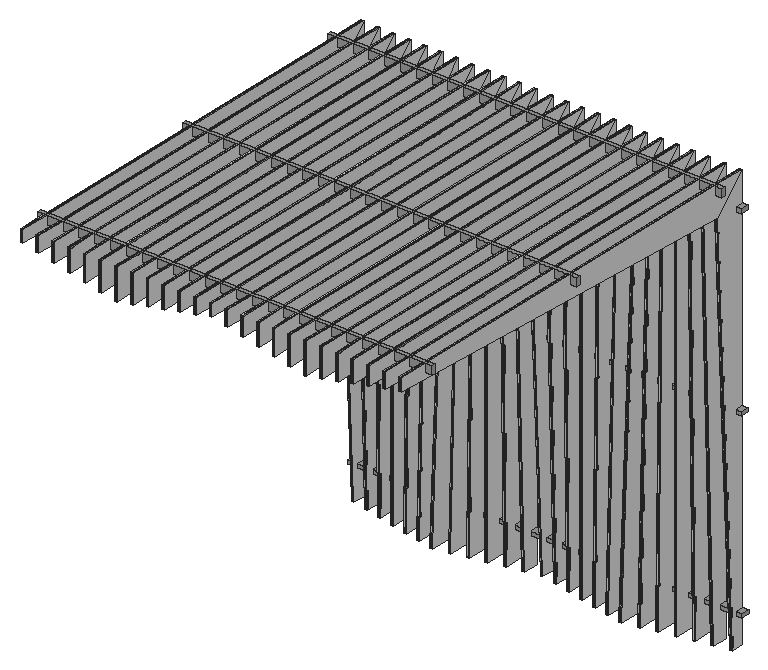
Revit family "SUR-BLD-003_BLADE SURFACES 003_RFA", category Modelos genéricos, Revit 2022 (continued)
Forms (in)
  Extrusion 121, solid, not visible
    sketch origin (20, -13, 54) x (0, 1, 0) y (0, 0, 1)
      loop
        line (-95, 46.79987) -> (9.07661, 50.07661) -> (13, 54) -> (5.495, 54) -> (5.495, 51.94) -> (4.505, 51.94) -> (4.505, 54) -> (-40.505, 54) -> (-40.505, 51.94) -> (-41.495, 51.94) -> (-41.495, 54) -> (-86.505, 54) -> (-86.505, 51.94) -> (-87.495, 51.94) -> (-87.495, 54) -> (-95, 54) -> (-95, 46.79987)
    from -0.11811 to 0
  Extrusion 122, solid, not visible
    sketch origin (20.59055, -13, 54) x (0, 1, 0) y (0, 0, 1)
      loop
        line (-95, 46.79987) -> (9.07661, 50.07661) -> (13, 54) -> (5.495, 54) -> (5.495, 51.94) -> (4.505, 51.94) -> (4.505, 54) -> (-40.505, 54) -> (-40.505, 51.94) -> (-41.495, 51.94) -> (-41.495, 54) -> (-86.505, 54) -> (-86.505, 51.94) -> (-87.495, 51.94) -> (-87.495, 54) -> (-95, 54) -> (-95, 46.79987)
    from -0.11811 to 0
  Extrusion 123, solid, not visible
    sketch origin (20.47244, -13, 54) x (0, 1, 0) y (0, 0, 1)
      loop
        line (-95, 46.79987) -> (9.07661, 50.07661) -> (13, 54) -> (5.495, 54) -> (5.495, 51.94) -> (4.505, 51.94) -> (4.505, 54) -> (-40.505, 54) -> (-40.505, 51.94) -> (-41.495, 51.94) -> (-41.495, 54) -> (-86.505, 54) -> (-86.505, 51.94) -> (-87.495, 51.94) -> (-87.495, 54) -> (-95, 54) -> (-95, 46.79987)
    from -0.47244 to 0
  Extrusion 124, solid, not visible
    sketch origin (24, 0, 54) x (0, 1, 0) y (0, 0, 1)
      loop
        line (-8, -54) -> (0, -54) -> (0, -46.495) -> (-2.06, -46.495) -> (-2.06, -45.505) -> (0, -45.505) -> (0, -0.495) -> (-2.06, -0.495) -> (-2.06, 0.495) -> (0, 0.495) -> (0, 45.505) -> (-2.06, 45.505) -> (-2.06, 46.495) -> (0, 46.495) -> (0, 54) -> (-3.14563, 50.85437) -> (-8, -54)
    from -0.11811 to 0
  Extrusion 125, solid, not visible
    sketch origin (24.47244, 0, 54) x (0, 1, 0) y (0, 0, 1)
      loop
        line (-8, -54) -> (0, -54) -> (0, -46.495) -> (-2.06, -46.495) -> (-2.06, -45.505) -> (0, -45.505) -> (0, -0.495) -> (-2.06, -0.495) -> (-2.06, 0.495) -> (0, 0.495) -> (0, 45.505) -> (-2.06, 45.505) -> (-2.06, 46.495) -> (0, 46.495) -> (0, 54) -> (-3.14563, 50.85437) -> (-8, -54)
    from -0.47244 to 0
  Extrusion 126, solid, not visible
    sketch origin (24.59055, 0, 54) x (0, 1, 0) y (0, 0, 1)
      loop
        line (-8, -54) -> (0, -54) -> (0, -46.495) -> (-2.06, -46.495) -> (-2.06, -45.505) -> (0, -45.505) -> (0, -0.495) -> (-2.06, -0.495) -> (-2.06, 0.495) -> (0, 0.495) -> (0, 45.505) -> (-2.06, 45.505) -> (-2.06, 46.495) -> (0, 46.495) -> (0, 54) -> (-3.14563, 50.85437) -> (-8, -54)
    from -0.11811 to 0
  Extrusion 127, solid, not visible
    sketch origin (24, -13, 54) x (0, 1, 0) y (0, 0, 1)
      loop
        line (-95, 46) -> (9.85437, 50.85437) -> (13, 54) -> (5.495, 54) -> (5.495, 51.94) -> (4.505, 51.94) -> (4.505, 54) -> (-40.505, 54) -> (-40.505, 51.94) -> (-41.495, 51.94) -> (-41.495, 54) -> (-86.505, 54) -> (-86.505, 51.94) -> (-87.495, 51.94) -> (-87.495, 54) -> (-95, 54) -> (-95, 46)
    from -0.11811 to 0
  Extrusion 128, solid, not visible
    sketch origin (24.59055, -13, 54) x (0, 1, 0) y (0, 0, 1)
      loop
        line (-95, 46) -> (9.85437, 50.85437) -> (13, 54) -> (5.495, 54) -> (5.495, 51.94) -> (4.505, 51.94) -> (4.505, 54) -> (-40.505, 54) -> (-40.505, 51.94) -> (-41.495, 51.94) -> (-41.495, 54) -> (-86.505, 54) -> (-86.505, 51.94) -> (-87.495, 51.94) -> (-87.495, 54) -> (-95, 54) -> (-95, 46)
    from -0.11811 to 0
  Extrusion 129, solid, not visible
    sketch origin (24.47244, -13, 54) x (0, 1, 0) y (0, 0, 1)
      loop
        line (-95, 46) -> (9.85437, 50.85437) -> (13, 54) -> (5.495, 54) -> (5.495, 51.94) -> (4.505, 51.94) -> (4.505, 54) -> (-40.505, 54) -> (-40.505, 51.94) -> (-41.495, 51.94) -> (-41.495, 54) -> (-86.505, 54) -> (-86.505, 51.94) -> (-87.495, 51.94) -> (-87.495, 54) -> (-95, 54) -> (-95, 46)
    from -0.47244 to 0
  Extrusion 130, solid
    sketch origin (28, 0, 54) x (0, 1, 0) y (0, 0, 1)
      loop
        line (-7.20013, -54) -> (0, -54) -> (0, -46.495) -> (-2.06, -46.495) -> (-2.06, -45.505) -> (0, -45.505) -> (0, -0.495) -> (-2.06, -0.495) -> (-2.06, 0.495) -> (0, 0.495) -> (0, 45.505) -> (-2.06, 45.505) -> (-2.06, 46.495) -> (0, 46.495) -> (0, 54) -> (-3.92339, 50.07661) -> (-7.20013, -54)
    from -0.11811 to 0
  Extrusion 131, solid
    sketch origin (28.47244, 0, 54) x (0, 1, 0) y (0, 0, 1)
      loop
        line (-7.20013, -54) -> (0, -54) -> (0, -46.495) -> (-2.06, -46.495) -> (-2.06, -45.505) -> (0, -45.505) -> (0, -0.495) -> (-2.06, -0.495) -> (-2.06, 0.495) -> (0, 0.495) -> (0, 45.505) -> (-2.06, 45.505) -> (-2.06, 46.495) -> (0, 46.495) -> (0, 54) -> (-3.92339, 50.07661) -> (-7.20013, -54)
    from -0.47244 to 0
  Extrusion 132, solid
    sketch origin (28.59055, 0, 54) x (0, 1, 0) y (0, 0, 1)
      loop
        line (-7.20013, -54) -> (0, -54) -> (0, -46.495) -> (-2.06, -46.495) -> (-2.06, -45.505) -> (0, -45.505) -> (0, -0.495) -> (-2.06, -0.495) -> (-2.06, 0.495) -> (0, 0.495) -> (0, 45.505) -> (-2.06, 45.505) -> (-2.06, 46.495) -> (0, 46.495) -> (0, 54) -> (-3.92339, 50.07661) -> (-7.20013, -54)
    from -0.11811 to 0
  Extrusion 133, solid
    sketch origin (28, -13, 54) x (0, 1, 0) y (0, 0, 1)
      loop
        line (-95, 46.79987) -> (9.07661, 50.07661) -> (13, 54) -> (5.495, 54) -> (5.495, 51.94) -> (4.505, 51.94) -> (4.505, 54) -> (-40.505, 54) -> (-40.505, 51.94) -> (-41.495, 51.94) -> (-41.495, 54) -> (-86.505, 54) -> (-86.505, 51.94) -> (-87.495, 51.94) -> (-87.495, 54) -> (-95, 54) -> (-95, 46.79987)
    from -0.11811 to 0
  Extrusion 134, solid
    sketch origin (28.59055, -13, 54) x (0, 1, 0) y (0, 0, 1)
      loop
        line (-95, 46.79987) -> (9.07661, 50.07661) -> (13, 54) -> (5.495, 54) -> (5.495, 51.94) -> (4.505, 51.94) -> (4.505, 54) -> (-40.505, 54) -> (-40.505, 51.94) -> (-41.495, 51.94) -> (-41.495, 54) -> (-86.505, 54) -> (-86.505, 51.94) -> (-87.495, 51.94) -> (-87.495, 54) -> (-95, 54) -> (-95, 46.79987)
    from -0.11811 to 0
  Extrusion 135, solid
    sketch origin (28.47244, -13, 54) x (0, 1, 0) y (0, 0, 1)
      loop
        line (-95, 46.79987) -> (9.07661, 50.07661) -> (13, 54) -> (5.495, 54) -> (5.495, 51.94) -> (4.505, 51.94) -> (4.505, 54) -> (-40.505, 54) -> (-40.505, 51.94) -> (-41.495, 51.94) -> (-41.495, 54) -> (-86.505, 54) -> (-86.505, 51.94) -> (-87.495, 51.94) -> (-87.495, 54) -> (-95, 54) -> (-95, 46.79987)
    from -0.47244 to 0
  Extrusion 136, solid
    sketch origin (32, 0, 54) x (0, 1, 0) y (0, 0, 1)
      loop
        line (-6.35007, -54) -> (0, -54) -> (0, -46.495) -> (-2.06, -46.495) -> (-2.06, -45.505) -> (0, -45.505) -> (0, -0.495) -> (-2.06, -0.495) -> (-2.06, 0.495) -> (0, 0.495) -> (0, 45.505) -> (-2.06, 45.505) -> (-2.06, 46.495) -> (0, 46.495) -> (0, 54) -> (-4.7243, 49.2757) -> (-6.35007, -54)
    from -0.11811 to 0
  Extrusion 137, solid
    sketch origin (32.47244, 0, 54) x (0, 1, 0) y (0, 0, 1)
      loop
        line (-6.35007, -54) -> (0, -54) -> (0, -46.495) -> (-2.06, -46.495) -> (-2.06, -45.505) -> (0, -45.505) -> (0, -0.495) -> (-2.06, -0.495) -> (-2.06, 0.495) -> (0, 0.495) -> (0, 45.505) -> (-2.06, 45.505) -> (-2.06, 46.495) -> (0, 46.495) -> (0, 54) -> (-4.7243, 49.2757) -> (-6.35007, -54)
    from -0.47244 to 0
  Extrusion 138, solid
    sketch origin (32.59055, 0, 54) x (0, 1, 0) y (0, 0, 1)
      loop
        line (-6.35007, -54) -> (0, -54) -> (0, -46.495) -> (-2.06, -46.495) -> (-2.06, -45.505) -> (0, -45.505) -> (0, -0.495) -> (-2.06, -0.495) -> (-2.06, 0.495) -> (0, 0.495) -> (0, 45.505) -> (-2.06, 45.505) -> (-2.06, 46.495) -> (0, 46.495) -> (0, 54) -> (-4.7243, 49.2757) -> (-6.35007, -54)
    from -0.11811 to 0
  Extrusion 139, solid
    sketch origin (32, -13, 54) x (0, 1, 0) y (0, 0, 1)
      loop
        line (-95, 47.64993) -> (8.2757, 49.2757) -> (13, 54) -> (5.495, 54) -> (5.495, 51.94) -> (4.505, 51.94) -> (4.505, 54) -> (-40.505, 54) -> (-40.505, 51.94) -> (-41.495, 51.94) -> (-41.495, 54) -> (-86.505, 54) -> (-86.505, 51.94) -> (-87.495, 51.94) -> (-87.495, 54) -> (-95, 54) -> (-95, 47.64993)
    from -0.11811 to 0
  Extrusion 140, solid
    sketch origin (32.59055, -13, 54) x (0, 1, 0) y (0, 0, 1)
      loop
        line (-95, 47.64993) -> (8.2757, 49.2757) -> (13, 54) -> (5.495, 54) -> (5.495, 51.94) -> (4.505, 51.94) -> (4.505, 54) -> (-40.505, 54) -> (-40.505, 51.94) -> (-41.495, 51.94) -> (-41.495, 54) -> (-86.505, 54) -> (-86.505, 51.94) -> (-87.495, 51.94) -> (-87.495, 54) -> (-95, 54) -> (-95, 47.64993)
    from -0.11811 to 0
  Extrusion 141, solid
    sketch origin (32.47244, -13, 54) x (0, 1, 0) y (0, 0, 1)
      loop
        line (-95, 47.64993) -> (8.2757, 49.2757) -> (13, 54) -> (5.495, 54) -> (5.495, 51.94) -> (4.505, 51.94) -> (4.505, 54) -> (-40.505, 54) -> (-40.505, 51.94) -> (-41.495, 51.94) -> (-41.495, 54) -> (-86.505, 54) -> (-86.505, 51.94) -> (-87.495, 51.94) -> (-87.495, 54) -> (-95, 54) -> (-95, 47.64993)
    from -0.47244 to 0
  Extrusion 142, solid
    sketch origin (36, 0, 54) x (0, 1, 0) y (0, 0, 1)
      loop
        line (-5.5, -54) -> (0, -54) -> (0, -46.495) -> (-2.06, -46.495) -> (-2.06, -45.505) -> (0, -45.505) -> (0, -0.495) -> (-2.06, -0.495) -> (-2.06, 0.495) -> (0, 0.495) -> (0, 45.505) -> (-2.06, 45.505) -> (-2.06, 46.495) -> (0, 46.495) -> (0, 54) -> (-5.5, 48.5) -> (-5.5, -54)
    from -0.11811 to 0
  Extrusion 143, solid
    sketch origin (36.47244, 0, 54) x (0, 1, 0) y (0, 0, 1)
      loop
        line (-5.5, -54) -> (0, -54) -> (0, -46.495) -> (-2.06, -46.495) -> (-2.06, -45.505) -> (0, -45.505) -> (0, -0.495) -> (-2.06, -0.495) -> (-2.06, 0.495) -> (0, 0.495) -> (0, 45.505) -> (-2.06, 45.505) -> (-2.06, 46.495) -> (0, 46.495) -> (0, 54) -> (-5.5, 48.5) -> (-5.5, -54)
    from -0.47244 to 0
  Extrusion 144, solid
    sketch origin (36.59055, 0, 54) x (0, 1, 0) y (0, 0, 1)
      loop
        line (-5.5, -54) -> (0, -54) -> (0, -46.495) -> (-2.06, -46.495) -> (-2.06, -45.505) -> (0, -45.505) -> (0, -0.495) -> (-2.06, -0.495) -> (-2.06, 0.495) -> (0, 0.495) -> (0, 45.505) -> (-2.06, 45.505) -> (-2.06, 46.495) -> (0, 46.495) -> (0, 54) -> (-5.5, 48.5) -> (-5.5, -54)
    from -0.11811 to 0
  Extrusion 145, solid
    sketch origin (36, -13, 54) x (0, 1, 0) y (0, 0, 1)
      loop
        line (-95, 48.5) -> (7.5, 48.5) -> (13, 54) -> (5.495, 54) -> (5.495, 51.94) -> (4.505, 51.94) -> (4.505, 54) -> (-40.505, 54) -> (-40.505, 51.94) -> (-41.495, 51.94) -> (-41.495, 54) -> (-86.505, 54) -> (-86.505, 51.94) -> (-87.495, 51.94) -> (-87.495, 54) -> (-95, 54) -> (-95, 48.5)
    from -0.11811 to 0
  Extrusion 146, solid
    sketch origin (36.59055, -13, 54) x (0, 1, 0) y (0, 0, 1)
      loop
        line (-95, 48.5) -> (7.5, 48.5) -> (13, 54) -> (5.495, 54) -> (5.495, 51.94) -> (4.505, 51.94) -> (4.505, 54) -> (-40.505, 54) -> (-40.505, 51.94) -> (-41.495, 51.94) -> (-41.495, 54) -> (-86.505, 54) -> (-86.505, 51.94) -> (-87.495, 51.94) -> (-87.495, 54) -> (-95, 54) -> (-95, 48.5)
    from -0.11811 to 0
  Extrusion 147, solid
    sketch origin (36.47244, -13, 54) x (0, 1, 0) y (0, 0, 1)
      loop
        line (-95, 48.5) -> (7.5, 48.5) -> (13, 54) -> (5.495, 54) -> (5.495, 51.94) -> (4.505, 51.94) -> (4.505, 54) -> (-40.505, 54) -> (-40.505, 51.94) -> (-41.495, 51.94) -> (-41.495, 54) -> (-86.505, 54) -> (-86.505, 51.94) -> (-87.495, 51.94) -> (-87.495, 54) -> (-95, 54) -> (-95, 48.5)
    from -0.47244 to 0
  Extrusion 148, solid
    sketch origin (40, 0, 54) x (0, 1, 0) y (0, 0, 1)
      loop
        line (-4.64993, -54) -> (0, -54) -> (0, -46.495) -> (-2.06, -46.495) -> (-2.06, -45.505) -> (0, -45.505) -> (0, -0.495) -> (-2.06, -0.495) -> (-2.06, 0.495) -> (0, 0.495) -> (0, 45.505) -> (-2.06, 45.505) -> (-2.06, 46.495) -> (0, 46.495) -> (0, 54) -> (-6.25165, 47.74835) -> (-4.64993, -54)
    from -0.11811 to 0
  Extrusion 149, solid
    sketch origin (40.47244, 0, 54) x (0, 1, 0) y (0, 0, 1)
      loop
        line (-4.64993, -54) -> (0, -54) -> (0, -46.495) -> (-2.06, -46.495) -> (-2.06, -45.505) -> (0, -45.505) -> (0, -0.495) -> (-2.06, -0.495) -> (-2.06, 0.495) -> (0, 0.495) -> (0, 45.505) -> (-2.06, 45.505) -> (-2.06, 46.495) -> (0, 46.495) -> (0, 54) -> (-6.25165, 47.74835) -> (-4.64993, -54)
    from -0.47244 to 0
  Extrusion 150, solid
    sketch origin (40.59055, 0, 54) x (0, 1, 0) y (0, 0, 1)
      loop
        line (-4.64993, -54) -> (0, -54) -> (0, -46.495) -> (-2.06, -46.495) -> (-2.06, -45.505) -> (0, -45.505) -> (0, -0.495) -> (-2.06, -0.495) -> (-2.06, 0.495) -> (0, 0.495) -> (0, 45.505) -> (-2.06, 45.505) -> (-2.06, 46.495) -> (0, 46.495) -> (0, 54) -> (-6.25165, 47.74835) -> (-4.64993, -54)
    from -0.11811 to 0
  Extrusion 151, solid
    sketch origin (40, -13, 54) x (0, 1, 0) y (0, 0, 1)
      loop
        line (-95, 49.35007) -> (6.74835, 47.74835) -> (13, 54) -> (5.495, 54) -> (5.495, 51.94) -> (4.505, 51.94) -> (4.505, 54) -> (-40.505, 54) -> (-40.505, 51.94) -> (-41.495, 51.94) -> (-41.495, 54) -> (-86.505, 54) -> (-86.505, 51.94) -> (-87.495, 51.94) -> (-87.495, 54) -> (-95, 54) -> (-95, 49.35007)
    from -0.11811 to 0
  Extrusion 152, solid
    sketch origin (40.59055, -13, 54) x (0, 1, 0) y (0, 0, 1)
      loop
        line (-95, 49.35007) -> (6.74835, 47.74835) -> (13, 54) -> (5.495, 54) -> (5.495, 51.94) -> (4.505, 51.94) -> (4.505, 54) -> (-40.505, 54) -> (-40.505, 51.94) -> (-41.495, 51.94) -> (-41.495, 54) -> (-86.505, 54) -> (-86.505, 51.94) -> (-87.495, 51.94) -> (-87.495, 54) -> (-95, 54) -> (-95, 49.35007)
    from -0.11811 to 0
  Extrusion 153, solid
    sketch origin (40.47244, -13, 54) x (0, 1, 0) y (0, 0, 1)
      loop
        line (-95, 49.35007) -> (6.74835, 47.74835) -> (13, 54) -> (5.495, 54) -> (5.495, 51.94) -> (4.505, 51.94) -> (4.505, 54) -> (-40.505, 54) -> (-40.505, 51.94) -> (-41.495, 51.94) -> (-41.495, 54) -> (-86.505, 54) -> (-86.505, 51.94) -> (-87.495, 51.94) -> (-87.495, 54) -> (-95, 54) -> (-95, 49.35007)
    from -0.47244 to 0
  Extrusion 154, solid
    sketch origin (44, 0, 54) x (0, 1, 0) y (0, 0, 1)
      loop
        line (-3.79987, -54) -> (0, -54) -> (0, -46.495) -> (-2.06, -46.495) -> (-2.06, -45.505) -> (0, -45.505) -> (0, -0.495) -> (-2.06, -0.495) -> (-2.06, 0.495) -> (0, 0.495) -> (0, 45.505) -> (-2.06, 45.505) -> (-2.06, 46.495) -> (0, 46.495) -> (0, 54) -> (-6.98036, 47.01964) -> (-3.79987, -54)
    from -0.11811 to 0
  Extrusion 155, solid
    sketch origin (44.47244, 0, 54) x (0, 1, 0) y (0, 0, 1)
      loop
        line (-3.79987, -54) -> (0, -54) -> (0, -46.495) -> (-2.06, -46.495) -> (-2.06, -45.505) -> (0, -45.505) -> (0, -0.495) -> (-2.06, -0.495) -> (-2.06, 0.495) -> (0, 0.495) -> (0, 45.505) -> (-2.06, 45.505) -> (-2.06, 46.495) -> (0, 46.495) -> (0, 54) -> (-6.98036, 47.01964) -> (-3.79987, -54)
    from -0.47244 to 0
  Extrusion 156, solid
    sketch origin (44.59055, 0, 54) x (0, 1, 0) y (0, 0, 1)
      loop
        line (-3.79987, -54) -> (0, -54) -> (0, -46.495) -> (-2.06, -46.495) -> (-2.06, -45.505) -> (0, -45.505) -> (0, -0.495) -> (-2.06, -0.495) -> (-2.06, 0.495) -> (0, 0.495) -> (0, 45.505) -> (-2.06, 45.505) -> (-2.06, 46.495) -> (0, 46.495) -> (0, 54) -> (-6.98036, 47.01964) -> (-3.79987, -54)
    from -0.11811 to 0
  Extrusion 157, solid
    sketch origin (44, -13, 54) x (0, 1, 0) y (0, 0, 1)
      loop
        line (-95, 50.20013) -> (6.01964, 47.01964) -> (13, 54) -> (5.495, 54) -> (5.495, 51.94) -> (4.505, 51.94) -> (4.505, 54) -> (-40.505, 54) -> (-40.505, 51.94) -> (-41.495, 51.94) -> (-41.495, 54) -> (-86.505, 54) -> (-86.505, 51.94) -> (-87.495, 51.94) -> (-87.495, 54) -> (-95, 54) -> (-95, 50.20013)
    from -0.11811 to 0
  Extrusion 158, solid
    sketch origin (44.59055, -13, 54) x (0, 1, 0) y (0, 0, 1)
      loop
        line (-95, 50.20013) -> (6.01964, 47.01964) -> (13, 54) -> (5.495, 54) -> (5.495, 51.94) -> (4.505, 51.94) -> (4.505, 54) -> (-40.505, 54) -> (-40.505, 51.94) -> (-41.495, 51.94) -> (-41.495, 54) -> (-86.505, 54) -> (-86.505, 51.94) -> (-87.495, 51.94) -> (-87.495, 54) -> (-95, 54) -> (-95, 50.20013)
    from -0.11811 to 0
  Extrusion 159, solid
    sketch origin (44.47244, -13, 54) x (0, 1, 0) y (0, 0, 1)
      loop
        line (-95, 50.20013) -> (6.01964, 47.01964) -> (13, 54) -> (5.495, 54) -> (5.495, 51.94) -> (4.505, 51.94) -> (4.505, 54) -> (-40.505, 54) -> (-40.505, 51.94) -> (-41.495, 51.94) -> (-41.495, 54) -> (-86.505, 54) -> (-86.505, 51.94) -> (-87.495, 51.94) -> (-87.495, 54) -> (-95, 54) -> (-95, 50.20013)
    from -0.47244 to 0
  Extrusion 160, solid
    sketch origin (48, 0, 54) x (0, 1, 0) y (0, 0, 1)
      loop
        line (-2.98633, -54) -> (0, -54) -> (0, -46.495) -> (-2.06, -46.495) -> (-2.06, -45.505) -> (0, -45.505) -> (0, -0.495) -> (-2.06, -0.495) -> (-2.06, 0.495) -> (0, 0.495) -> (0, 45.505) -> (-2.06, 45.505) -> (-2.06, 46.495) -> (0, 46.495) -> (0, 54) -> (-7.63295, 46.36705) -> (-2.98633, -54)
    from -0.11811 to 0
  Extrusion 161, solid
    sketch origin (48.59055, 0, 54) x (0, 1, 0) y (0, 0, 1)
      loop
        line (-2.98633, -54) -> (0, -54) -> (0, 54) -> (-7.63295, 46.36705) -> (-2.98633, -54)
    from -0.11811 to 0
  Extrusion 162, solid
    sketch origin (48, -13, 54) x (0, 1, 0) y (0, 0, 1)
      loop
        line (-95, 51) -> (5.35398, 46.35398) -> (13, 54) -> (5.495, 54) -> (5.495, 51.94) -> (4.505, 51.94) -> (4.505, 54) -> (-40.505, 54) -> (-40.505, 51.94) -> (-41.495, 51.94) -> (-41.495, 54) -> (-86.505, 54) -> (-86.505, 51.94) -> (-87.495, 51.94) -> (-87.495, 54) -> (-95, 54) -> (-95, 51)
    from -0.11811 to 0
  Extrusion 163, solid
    sketch origin (48.59055, -13, 54) x (0, 1, 0) y (0, 0, 1)
      loop
        line (-95, 51) -> (5.35398, 46.35398) -> (13, 54) -> (5.495, 54) -> (5.495, 51.94) -> (4.505, 51.94) -> (4.505, 54) -> (-40.505, 54) -> (-40.505, 51.94) -> (-41.495, 51.94) -> (-41.495, 54) -> (-86.505, 54) -> (-86.505, 51.94) -> (-87.495, 51.94) -> (-87.495, 54) -> (-95, 54) -> (-95, 51)
    from -0.11811 to 0
  Extrusion 164, solid
    sketch origin (48.47244, -13, 54) x (0, 1, 0) y (0, 0, 1)
      loop
        line (-95, 51) -> (5.35398, 46.35398) -> (13, 54) -> (5.495, 54) -> (5.495, 51.94) -> (4.505, 51.94) -> (4.505, 54) -> (-40.505, 54) -> (-40.505, 51.94) -> (-41.495, 51.94) -> (-41.495, 54) -> (-86.505, 54) -> (-86.505, 51.94) -> (-87.495, 51.94) -> (-87.495, 54) -> (-95, 54) -> (-95, 51)
    from -0.47244 to 0
  Extrusion 165, solid
    sketch origin (48.47244, 0, 54) x (0, 1, 0) y (0, 0, 1)
      loop
        line (-2.98633, -54) -> (0, -54) -> (0, -46.495) -> (-2.06, -46.495) -> (-2.06, -45.505) -> (0, -45.505) -> (0, -0.495) -> (-2.06, -0.495) -> (-2.06, 0.495) -> (0, 0.495) -> (0, 45.505) -> (-2.06, 45.505) -> (-2.06, 46.495) -> (0, 46.495) -> (0, 54) -> (-7.63295, 46.36705) -> (-2.98633, -54)
    from -0.47244 to 0
  Extrusion 166, solid
    sketch origin (52, 0, 54) x (0, 1, 0) y (0, 0, 1)
      loop
        line (-3.79987, -54) -> (0, -54) -> (0, -46.495) -> (-2.06, -46.495) -> (-2.06, -45.505) -> (0, -45.505) -> (0, -0.495) -> (-2.06, -0.495) -> (-2.06, 0.495) -> (0, 0.495) -> (0, 45.505) -> (-2.06, 45.505) -> (-2.06, 46.495) -> (0, 46.495) -> (0, 54) -> (-6.98036, 47.01964) -> (-3.79987, -54)
    from -0.11811 to 0
  Extrusion 167, solid
    sketch origin (52.47244, 0, 54) x (0, 1, 0) y (0, 0, 1)
      loop
        line (-3.79987, -54) -> (0, -54) -> (0, -46.495) -> (-2.06, -46.495) -> (-2.06, -45.505) -> (0, -45.505) -> (0, -0.495) -> (-2.06, -0.495) -> (-2.06, 0.495) -> (0, 0.495) -> (0, 45.505) -> (-2.06, 45.505) -> (-2.06, 46.495) -> (0, 46.495) -> (0, 54) -> (-6.98036, 47.01964) -> (-3.79987, -54)
    from -0.47244 to 0
  Extrusion 168, solid
    sketch origin (52.59055, 0, 54) x (0, 1, 0) y (0, 0, 1)
      loop
        line (-3.79987, -54) -> (0, -54) -> (0, -46.495) -> (-2.06, -46.495) -> (-2.06, -45.505) -> (0, -45.505) -> (0, -0.495) -> (-2.06, -0.495) -> (-2.06, 0.495) -> (0, 0.495) -> (0, 45.505) -> (-2.06, 45.505) -> (-2.06, 46.495) -> (0, 46.495) -> (0, 54) -> (-6.98036, 47.01964) -> (-3.79987, -54)
    from -0.11811 to 0
  Extrusion 169, solid
    sketch origin (52, -13, 54) x (0, 1, 0) y (0, 0, 1)
      loop
        line (-95, 50.20013) -> (6.01964, 47.01964) -> (13, 54) -> (5.495, 54) -> (5.495, 51.94) -> (4.505, 51.94) -> (4.505, 54) -> (-40.505, 54) -> (-40.505, 51.94) -> (-41.495, 51.94) -> (-41.495, 54) -> (-86.505, 54) -> (-86.505, 51.94) -> (-87.495, 51.94) -> (-87.495, 54) -> (-95, 54) -> (-95, 50.20013)
    from -0.11811 to 0
  Extrusion 170, solid
    sketch origin (52.59055, -13, 54) x (0, 1, 0) y (0, 0, 1)
      loop
        line (-95, 50.20013) -> (6.01964, 47.01964) -> (13, 54) -> (5.495, 54) -> (5.495, 51.94) -> (4.505, 51.94) -> (4.505, 54) -> (-40.505, 54) -> (-40.505, 51.94) -> (-41.495, 51.94) -> (-41.495, 54) -> (-86.505, 54) -> (-86.505, 51.94) -> (-87.495, 51.94) -> (-87.495, 54) -> (-95, 54) -> (-95, 50.20013)
    from -0.11811 to 0
  Extrusion 171, solid
    sketch origin (52.47244, -13, 54) x (0, 1, 0) y (0, 0, 1)
      loop
        line (-95, 50.20013) -> (6.01964, 47.01964) -> (13, 54) -> (5.495, 54) -> (5.495, 51.94) -> (4.505, 51.94) -> (4.505, 54) -> (-40.505, 54) -> (-40.505, 51.94) -> (-41.495, 51.94) -> (-41.495, 54) -> (-86.505, 54) -> (-86.505, 51.94) -> (-87.495, 51.94) -> (-87.495, 54) -> (-95, 54) -> (-95, 50.20013)
    from -0.47244 to 0
  Extrusion 172, solid
    sketch origin (56, 0, 54) x (0, 1, 0) y (0, 0, 1)
      loop
        line (-4.64993, -54) -> (0, -54) -> (0, -46.495) -> (-2.06, -46.495) -> (-2.06, -45.505) -> (0, -45.505) -> (0, -0.495) -> (-2.06, -0.495) -> (-2.06, 0.495) -> (0, 0.495) -> (0, 45.505) -> (-2.06, 45.505) -> (-2.06, 46.495) -> (0, 46.495) -> (0, 54) -> (-6.25165, 47.74835) -> (-4.64993, -54)
    from -0.11811 to 0
  Extrusion 173, solid
    sketch origin (56.47244, 0, 54) x (0, 1, 0) y (0, 0, 1)
      loop
        line (-4.64993, -54) -> (0, -54) -> (0, -46.495) -> (-2.06, -46.495) -> (-2.06, -45.505) -> (0, -45.505) -> (0, -0.495) -> (-2.06, -0.495) -> (-2.06, 0.495) -> (0, 0.495) -> (0, 45.505) -> (-2.06, 45.505) -> (-2.06, 46.495) -> (0, 46.495) -> (0, 54) -> (-6.25165, 47.74835) -> (-4.64993, -54)
    from -0.47244 to 0
  Extrusion 174, solid
    sketch origin (56.59055, 0, 54) x (0, 1, 0) y (0, 0, 1)
      loop
        line (-4.64993, -54) -> (0, -54) -> (0, -46.495) -> (-2.06, -46.495) -> (-2.06, -45.505) -> (0, -45.505) -> (0, -0.495) -> (-2.06, -0.495) -> (-2.06, 0.495) -> (0, 0.495) -> (0, 45.505) -> (-2.06, 45.505) -> (-2.06, 46.495) -> (0, 46.495) -> (0, 54) -> (-6.25165, 47.74835) -> (-4.64993, -54)
    from -0.11811 to 0
  Extrusion 175, solid
    sketch origin (56, -13, 54) x (0, 1, 0) y (0, 0, 1)
      loop
        line (-95, 49.35007) -> (6.74835, 47.74835) -> (13, 54) -> (5.495, 54) -> (5.495, 51.94) -> (4.505, 51.94) -> (4.505, 54) -> (-40.505, 54) -> (-40.505, 51.94) -> (-41.495, 51.94) -> (-41.495, 54) -> (-86.505, 54) -> (-86.505, 51.94) -> (-87.495, 51.94) -> (-87.495, 54) -> (-95, 54) -> (-95, 49.35007)
    from -0.11811 to 0
  Extrusion 176, solid
    sketch origin (56.59055, -13, 54) x (0, 1, 0) y (0, 0, 1)
      loop
        line (-95, 49.35007) -> (6.74835, 47.74835) -> (13, 54) -> (5.495, 54) -> (5.495, 51.94) -> (4.505, 51.94) -> (4.505, 54) -> (-40.505, 54) -> (-40.505, 51.94) -> (-41.495, 51.94) -> (-41.495, 54) -> (-86.505, 54) -> (-86.505, 51.94) -> (-87.495, 51.94) -> (-87.495, 54) -> (-95, 54) -> (-95, 49.35007)
    from -0.11811 to 0
  Extrusion 177, solid
    sketch origin (56.47244, -13, 54) x (0, 1, 0) y (0, 0, 1)
      loop
        line (-95, 49.35007) -> (6.74835, 47.74835) -> (13, 54) -> (5.495, 54) -> (5.495, 51.94) -> (4.505, 51.94) -> (4.505, 54) -> (-40.505, 54) -> (-40.505, 51.94) -> (-41.495, 51.94) -> (-41.495, 54) -> (-86.505, 54) -> (-86.505, 51.94) -> (-87.495, 51.94) -> (-87.495, 54) -> (-95, 54) -> (-95, 49.35007)
    from -0.47244 to 0
  Extrusion 178, solid
    sketch origin (60, 0, 54) x (0, 1, 0) y (0, 0, 1)
      loop
        line (-5.5, -54) -> (0, -54) -> (0, -46.495) -> (-2.06, -46.495) -> (-2.06, -45.505) -> (0, -45.505) -> (0, -0.495) -> (-2.06, -0.495) -> (-2.06, 0.495) -> (0, 0.495) -> (0, 45.505) -> (-2.06, 45.505) -> (-2.06, 46.495) -> (0, 46.495) -> (0, 54) -> (-5.5, 48.5) -> (-5.5, -54)
    from -0.11811 to 0
  Extrusion 179, solid
    sketch origin (60.47244, 0, 54) x (0, 1, 0) y (0, 0, 1)
      loop
        line (-5.5, -54) -> (0, -54) -> (0, -46.495) -> (-2.06, -46.495) -> (-2.06, -45.505) -> (0, -45.505) -> (0, -0.495) -> (-2.06, -0.495) -> (-2.06, 0.495) -> (0, 0.495) -> (0, 45.505) -> (-2.06, 45.505) -> (-2.06, 46.495) -> (0, 46.495) -> (0, 54) -> (-5.5, 48.5) -> (-5.5, -54)
    from -0.47244 to 0
  Extrusion 180, solid
    sketch origin (60.59055, 0, 54) x (0, 1, 0) y (0, 0, 1)
      loop
        line (-5.5, -54) -> (0, -54) -> (0, -46.495) -> (-2.06, -46.495) -> (-2.06, -45.505) -> (0, -45.505) -> (0, -0.495) -> (-2.06, -0.495) -> (-2.06, 0.495) -> (0, 0.495) -> (0, 45.505) -> (-2.06, 45.505) -> (-2.06, 46.495) -> (0, 46.495) -> (0, 54) -> (-5.5, 48.5) -> (-5.5, -54)
    from -0.11811 to 0
  Extrusion 181, solid
    sketch origin (60, -13, 54) x (0, 1, 0) y (0, 0, 1)
      loop
        line (-95, 48.5) -> (7.5, 48.5) -> (13, 54) -> (5.495, 54) -> (5.495, 51.94) -> (4.505, 51.94) -> (4.505, 54) -> (-40.505, 54) -> (-40.505, 51.94) -> (-41.495, 51.94) -> (-41.495, 54) -> (-86.505, 54) -> (-86.505, 51.94) -> (-87.495, 51.94) -> (-87.495, 54) -> (-95, 54) -> (-95, 48.5)
    from -0.11811 to 0
  Extrusion 182, solid
    sketch origin (60.59055, -13, 54) x (0, 1, 0) y (0, 0, 1)
      loop
        line (-95, 48.5) -> (7.5, 48.5) -> (13, 54) -> (5.495, 54) -> (5.495, 51.94) -> (4.505, 51.94) -> (4.505, 54) -> (-40.505, 54) -> (-40.505, 51.94) -> (-41.495, 51.94) -> (-41.495, 54) -> (-86.505, 54) -> (-86.505, 51.94) -> (-87.495, 51.94) -> (-87.495, 54) -> (-95, 54) -> (-95, 48.5)
    from -0.11811 to 0
  Extrusion 183, solid
    sketch origin (60.47244, -13, 54) x (0, 1, 0) y (0, 0, 1)
      loop
        line (-95, 48.5) -> (7.5, 48.5) -> (13, 54) -> (5.495, 54) -> (5.495, 51.94) -> (4.505, 51.94) -> (4.505, 54) -> (-40.505, 54) -> (-40.505, 51.94) -> (-41.495, 51.94) -> (-41.495, 54) -> (-86.505, 54) -> (-86.505, 51.94) -> (-87.495, 51.94) -> (-87.495, 54) -> (-95, 54) -> (-95, 48.5)
    from -0.47244 to 0
  Extrusion 184, solid
    sketch origin (64, 0, 54) x (0, 1, 0) y (0, 0, 1)
      loop
        line (-6.35007, -54) -> (0, -54) -> (0, -46.495) -> (-2.06, -46.495) -> (-2.06, -45.505) -> (0, -45.505) -> (0, -0.495) -> (-2.06, -0.495) -> (-2.06, 0.495) -> (0, 0.495) -> (0, 45.505) -> (-2.06, 45.505) -> (-2.06, 46.495) -> (0, 46.495) -> (0, 54) -> (-4.7243, 49.2757) -> (-6.35007, -54)
    from -0.11811 to 0
  Extrusion 185, solid
    sketch origin (64.47244, 0, 54) x (0, 1, 0) y (0, 0, 1)
      loop
        line (-6.35007, -54) -> (0, -54) -> (0, -46.495) -> (-2.06, -46.495) -> (-2.06, -45.505) -> (0, -45.505) -> (0, -0.495) -> (-2.06, -0.495) -> (-2.06, 0.495) -> (0, 0.495) -> (0, 45.505) -> (-2.06, 45.505) -> (-2.06, 46.495) -> (0, 46.495) -> (0, 54) -> (-4.7243, 49.2757) -> (-6.35007, -54)
    from -0.47244 to 0
  Extrusion 186, solid
    sketch origin (64.59055, 0, 54) x (0, 1, 0) y (0, 0, 1)
      loop
        line (-6.35007, -54) -> (0, -54) -> (0, -46.495) -> (-2.06, -46.495) -> (-2.06, -45.505) -> (0, -45.505) -> (0, -0.495) -> (-2.06, -0.495) -> (-2.06, 0.495) -> (0, 0.495) -> (0, 45.505) -> (-2.06, 45.505) -> (-2.06, 46.495) -> (0, 46.495) -> (0, 54) -> (-4.7243, 49.2757) -> (-6.35007, -54)
    from -0.11811 to 0
  Extrusion 187, solid
    sketch origin (64, -13, 54) x (0, 1, 0) y (0, 0, 1)
      loop
        line (-95, 47.64993) -> (8.2757, 49.2757) -> (13, 54) -> (5.495, 54) -> (5.495, 51.94) -> (4.505, 51.94) -> (4.505, 54) -> (-40.505, 54) -> (-40.505, 51.94) -> (-41.495, 51.94) -> (-41.495, 54) -> (-86.505, 54) -> (-86.505, 51.94) -> (-87.495, 51.94) -> (-87.495, 54) -> (-95, 54) -> (-95, 47.64993)
    from -0.11811 to 0
  Extrusion 188, solid
    sketch origin (64.59055, -13, 54) x (0, 1, 0) y (0, 0, 1)
      loop
        line (-95, 47.64993) -> (8.2757, 49.2757) -> (13, 54) -> (5.495, 54) -> (5.495, 51.94) -> (4.505, 51.94) -> (4.505, 54) -> (-40.505, 54) -> (-40.505, 51.94) -> (-41.495, 51.94) -> (-41.495, 54) -> (-86.505, 54) -> (-86.505, 51.94) -> (-87.495, 51.94) -> (-87.495, 54) -> (-95, 54) -> (-95, 47.64993)
    from -0.11811 to 0
  Extrusion 189, solid
    sketch origin (64.47244, -13, 54) x (0, 1, 0) y (0, 0, 1)
      loop
        line (-95, 47.64993) -> (8.2757, 49.2757) -> (13, 54) -> (5.495, 54) -> (5.495, 51.94) -> (4.505, 51.94) -> (4.505, 54) -> (-40.505, 54) -> (-40.505, 51.94) -> (-41.495, 51.94) -> (-41.495, 54) -> (-86.505, 54) -> (-86.505, 51.94) -> (-87.495, 51.94) -> (-87.495, 54) -> (-95, 54) -> (-95, 47.64993)
    from -0.47244 to 0
  Extrusion 190, solid
    sketch origin (68, 0, 54) x (0, 1, 0) y (0, 0, 1)
      loop
        line (-7.20013, -54) -> (0, -54) -> (0, -46.495) -> (-2.06, -46.495) -> (-2.06, -45.505) -> (0, -45.505) -> (0, -0.495) -> (-2.06, -0.495) -> (-2.06, 0.495) -> (0, 0.495) -> (0, 45.505) -> (-2.06, 45.505) -> (-2.06, 46.495) -> (0, 46.495) -> (0, 54) -> (-3.92339, 50.07661) -> (-7.20013, -54)
    from -0.11811 to 0
  Extrusion 191, solid
    sketch origin (68.47244, 0, 54) x (0, 1, 0) y (0, 0, 1)
      loop
        line (-7.20013, -54) -> (0, -54) -> (0, -46.495) -> (-2.06, -46.495) -> (-2.06, -45.505) -> (0, -45.505) -> (0, -0.495) -> (-2.06, -0.495) -> (-2.06, 0.495) -> (0, 0.495) -> (0, 45.505) -> (-2.06, 45.505) -> (-2.06, 46.495) -> (0, 46.495) -> (0, 54) -> (-3.92339, 50.07661) -> (-7.20013, -54)
    from -0.47244 to 0
  Extrusion 192, solid
    sketch origin (68.59055, 0, 54) x (0, 1, 0) y (0, 0, 1)
      loop
        line (-7.20013, -54) -> (0, -54) -> (0, -46.495) -> (-2.06, -46.495) -> (-2.06, -45.505) -> (0, -45.505) -> (0, -0.495) -> (-2.06, -0.495) -> (-2.06, 0.495) -> (0, 0.495) -> (0, 45.505) -> (-2.06, 45.505) -> (-2.06, 46.495) -> (0, 46.495) -> (0, 54) -> (-3.92339, 50.07661) -> (-7.20013, -54)
    from -0.11811 to 0
  Extrusion 193, solid
    sketch origin (68, -13, 54) x (0, 1, 0) y (0, 0, 1)
      loop
        line (-95, 46.79987) -> (9.07661, 50.07661) -> (13, 54) -> (5.495, 54) -> (5.495, 51.94) -> (4.505, 51.94) -> (4.505, 54) -> (-40.505, 54) -> (-40.505, 51.94) -> (-41.495, 51.94) -> (-41.495, 54) -> (-86.505, 54) -> (-86.505, 51.94) -> (-87.495, 51.94) -> (-87.495, 54) -> (-95, 54) -> (-95, 46.79987)
    from -0.11811 to 0
  Extrusion 194, solid
    sketch origin (68.59055, -13, 54) x (0, 1, 0) y (0, 0, 1)
      loop
        line (-95, 46.79987) -> (9.07661, 50.07661) -> (13, 54) -> (5.495, 54) -> (5.495, 51.94) -> (4.505, 51.94) -> (4.505, 54) -> (-40.505, 54) -> (-40.505, 51.94) -> (-41.495, 51.94) -> (-41.495, 54) -> (-86.505, 54) -> (-86.505, 51.94) -> (-87.495, 51.94) -> (-87.495, 54) -> (-95, 54) -> (-95, 46.79987)
    from -0.11811 to 0
  Extrusion 195, solid
    sketch origin (68.47244, -13, 54) x (0, 1, 0) y (0, 0, 1)
      loop
        line (-95, 46.79987) -> (9.07661, 50.07661) -> (13, 54) -> (5.495, 54) -> (5.495, 51.94) -> (4.505, 51.94) -> (4.505, 54) -> (-40.505, 54) -> (-40.505, 51.94) -> (-41.495, 51.94) -> (-41.495, 54) -> (-86.505, 54) -> (-86.505, 51.94) -> (-87.495, 51.94) -> (-87.495, 54) -> (-95, 54) -> (-95, 46.79987)
    from -0.47244 to 0
  Extrusion 196, solid
    sketch origin (72, 0, 54) x (0, 1, 0) y (0, 0, 1)
      loop
        line (-8, -54) -> (0, -54) -> (0, -46.495) -> (-2.06, -46.495) -> (-2.06, -45.505) -> (0, -45.505) -> (0, -0.495) -> (-2.06, -0.495) -> (-2.06, 0.495) -> (0, 0.495) -> (0, 45.505) -> (-2.06, 45.505) -> (-2.06, 46.495) -> (0, 46.495) -> (0, 54) -> (-3.14563, 50.85437) -> (-8, -54)
    from -0.11811 to 0
  Extrusion 197, solid
    sketch origin (72.47244, 0, 54) x (0, 1, 0) y (0, 0, 1)
      loop
        line (-8, -54) -> (0, -54) -> (0, -46.495) -> (-2.06, -46.495) -> (-2.06, -45.505) -> (0, -45.505) -> (0, -0.495) -> (-2.06, -0.495) -> (-2.06, 0.495) -> (0, 0.495) -> (0, 45.505) -> (-2.06, 45.505) -> (-2.06, 46.495) -> (0, 46.495) -> (0, 54) -> (-3.14563, 50.85437) -> (-8, -54)
    from -0.47244 to 0
  Extrusion 198, solid
    sketch origin (72.59055, 0, 54) x (0, 1, 0) y (0, 0, 1)
      loop
        line (-8, -54) -> (0, -54) -> (0, -46.495) -> (-2.06, -46.495) -> (-2.06, -45.505) -> (0, -45.505) -> (0, -0.495) -> (-2.06, -0.495) -> (-2.06, 0.495) -> (0, 0.495) -> (0, 45.505) -> (-2.06, 45.505) -> (-2.06, 46.495) -> (0, 46.495) -> (0, 54) -> (-3.14563, 50.85437) -> (-8, -54)
    from -0.11811 to 0
  Extrusion 199, solid
    sketch origin (72, -13, 54) x (0, 1, 0) y (0, 0, 1)
      loop
        line (-95, 46) -> (9.85437, 50.85437) -> (13, 54) -> (5.495, 54) -> (5.495, 51.94) -> (4.505, 51.94) -> (4.505, 54) -> (-40.505, 54) -> (-40.505, 51.94) -> (-41.495, 51.94) -> (-41.495, 54) -> (-86.505, 54) -> (-86.505, 51.94) -> (-87.495, 51.94) -> (-87.495, 54) -> (-95, 54) -> (-95, 46)
    from -0.11811 to 0
  Extrusion 200, solid
    sketch origin (72.59055, -13, 54) x (0, 1, 0) y (0, 0, 1)
      loop
        line (-95, 46) -> (9.85437, 50.85437) -> (13, 54) -> (5.495, 54) -> (5.495, 51.94) -> (4.505, 51.94) -> (4.505, 54) -> (-40.505, 54) -> (-40.505, 51.94) -> (-41.495, 51.94) -> (-41.495, 54) -> (-86.505, 54) -> (-86.505, 51.94) -> (-87.495, 51.94) -> (-87.495, 54) -> (-95, 54) -> (-95, 46)
    from -0.11811 to 0
  Extrusion 201, solid
    sketch origin (72.47244, -13, 54) x (0, 1, 0) y (0, 0, 1)
      loop
        line (-95, 46) -> (9.85437, 50.85437) -> (13, 54) -> (5.495, 54) -> (5.495, 51.94) -> (4.505, 51.94) -> (4.505, 54) -> (-40.505, 54) -> (-40.505, 51.94) -> (-41.495, 51.94) -> (-41.495, 54) -> (-86.505, 54) -> (-86.505, 51.94) -> (-87.495, 51.94) -> (-87.495, 54) -> (-95, 54) -> (-95, 46)
    from -0.47244 to 0
  Extrusion 202, solid
    sketch origin (76, 0, 54) x (0, 1, 0) y (0, 0, 1)
      loop
        line (-7.20013, -54) -> (0, -54) -> (0, -46.495) -> (-2.06, -46.495) -> (-2.06, -45.505) -> (0, -45.505) -> (0, -0.495) -> (-2.06, -0.495) -> (-2.06, 0.495) -> (0, 0.495) -> (0, 45.505) -> (-2.06, 45.505) -> (-2.06, 46.495) -> (0, 46.495) -> (0, 54) -> (-3.92339, 50.07661) -> (-7.20013, -54)
    from -0.11811 to 0
  Extrusion 203, solid
    sketch origin (76.47244, 0, 54) x (0, 1, 0) y (0, 0, 1)
      loop
        line (-7.20013, -54) -> (0, -54) -> (0, -46.495) -> (-2.06, -46.495) -> (-2.06, -45.505) -> (0, -45.505) -> (0, -0.495) -> (-2.06, -0.495) -> (-2.06, 0.495) -> (0, 0.495) -> (0, 45.505) -> (-2.06, 45.505) -> (-2.06, 46.495) -> (0, 46.495) -> (0, 54) -> (-3.92339, 50.07661) -> (-7.20013, -54)
    from -0.47244 to 0
  Extrusion 204, solid
    sketch origin (76.59055, 0, 54) x (0, 1, 0) y (0, 0, 1)
      loop
        line (-7.20013, -54) -> (0, -54) -> (0, -46.495) -> (-2.06, -46.495) -> (-2.06, -45.505) -> (0, -45.505) -> (0, -0.495) -> (-2.06, -0.495) -> (-2.06, 0.495) -> (0, 0.495) -> (0, 45.505) -> (-2.06, 45.505) -> (-2.06, 46.495) -> (0, 46.495) -> (0, 54) -> (-3.92339, 50.07661) -> (-7.20013, -54)
    from -0.11811 to 0
  Extrusion 205, solid
    sketch origin (76, -13, 54) x (0, 1, 0) y (0, 0, 1)
      loop
        line (-95, 46.79987) -> (9.07661, 50.07661) -> (13, 54) -> (5.495, 54) -> (5.495, 51.94) -> (4.505, 51.94) -> (4.505, 54) -> (-40.505, 54) -> (-40.505, 51.94) -> (-41.495, 51.94) -> (-41.495, 54) -> (-86.505, 54) -> (-86.505, 51.94) -> (-87.495, 51.94) -> (-87.495, 54) -> (-95, 54) -> (-95, 46.79987)
    from -0.11811 to 0
  Extrusion 206, solid
    sketch origin (76.59055, -13, 54) x (0, 1, 0) y (0, 0, 1)
      loop
        line (-95, 46.79987) -> (9.07661, 50.07661) -> (13, 54) -> (5.495, 54) -> (5.495, 51.94) -> (4.505, 51.94) -> (4.505, 54) -> (-40.505, 54) -> (-40.505, 51.94) -> (-41.495, 51.94) -> (-41.495, 54) -> (-86.505, 54) -> (-86.505, 51.94) -> (-87.495, 51.94) -> (-87.495, 54) -> (-95, 54) -> (-95, 46.79987)
    from -0.11811 to 0
  Extrusion 207, solid
    sketch origin (76.47244, -13, 54) x (0, 1, 0) y (0, 0, 1)
      loop
        line (-95, 46.79987) -> (9.07661, 50.07661) -> (13, 54) -> (5.495, 54) -> (5.495, 51.94) -> (4.505, 51.94) -> (4.505, 54) -> (-40.505, 54) -> (-40.505, 51.94) -> (-41.495, 51.94) -> (-41.495, 54) -> (-86.505, 54) -> (-86.505, 51.94) -> (-87.495, 51.94) -> (-87.495, 54) -> (-95, 54) -> (-95, 46.79987)
    from -0.47244 to 0
  Extrusion 208, solid
    sketch origin (80, 0, 54) x (0, 1, 0) y (0, 0, 1)
      loop
        line (-6.35007, -54) -> (0, -54) -> (0, -46.495) -> (-2.06, -46.495) -> (-2.06, -45.505) -> (0, -45.505) -> (0, -0.495) -> (-2.06, -0.495) -> (-2.06, 0.495) -> (0, 0.495) -> (0, 45.505) -> (-2.06, 45.505) -> (-2.06, 46.495) -> (0, 46.495) -> (0, 54) -> (-4.7243, 49.2757) -> (-6.35007, -54)
    from -0.11811 to 0
  Extrusion 209, solid
    sketch origin (80.47244, 0, 54) x (0, 1, 0) y (0, 0, 1)
      loop
        line (-6.35007, -54) -> (0, -54) -> (0, -46.495) -> (-2.06, -46.495) -> (-2.06, -45.505) -> (0, -45.505) -> (0, -0.495) -> (-2.06, -0.495) -> (-2.06, 0.495) -> (0, 0.495) -> (0, 45.505) -> (-2.06, 45.505) -> (-2.06, 46.495) -> (0, 46.495) -> (0, 54) -> (-4.7243, 49.2757) -> (-6.35007, -54)
    from -0.47244 to 0
  Extrusion 210, solid
    sketch origin (80.59055, 0, 54) x (0, 1, 0) y (0, 0, 1)
      loop
        line (-6.35007, -54) -> (0, -54) -> (0, -46.495) -> (-2.06, -46.495) -> (-2.06, -45.505) -> (0, -45.505) -> (0, -0.495) -> (-2.06, -0.495) -> (-2.06, 0.495) -> (0, 0.495) -> (0, 45.505) -> (-2.06, 45.505) -> (-2.06, 46.495) -> (0, 46.495) -> (0, 54) -> (-4.7243, 49.2757) -> (-6.35007, -54)
    from -0.11811 to 0
  Extrusion 211, solid
    sketch origin (80, -13, 54) x (0, 1, 0) y (0, 0, 1)
      loop
        line (-95, 47.64993) -> (8.2757, 49.2757) -> (13, 54) -> (5.495, 54) -> (5.495, 51.94) -> (4.505, 51.94) -> (4.505, 54) -> (-40.505, 54) -> (-40.505, 51.94) -> (-41.495, 51.94) -> (-41.495, 54) -> (-86.505, 54) -> (-86.505, 51.94) -> (-87.495, 51.94) -> (-87.495, 54) -> (-95, 54) -> (-95, 47.64993)
    from -0.11811 to 0
  Extrusion 212, solid
    sketch origin (80.59055, -13, 54) x (0, 1, 0) y (0, 0, 1)
      loop
        line (-95, 47.64993) -> (8.2757, 49.2757) -> (13, 54) -> (5.495, 54) -> (5.495, 51.94) -> (4.505, 51.94) -> (4.505, 54) -> (-40.505, 54) -> (-40.505, 51.94) -> (-41.495, 51.94) -> (-41.495, 54) -> (-86.505, 54) -> (-86.505, 51.94) -> (-87.495, 51.94) -> (-87.495, 54) -> (-95, 54) -> (-95, 47.64993)
    from -0.11811 to 0
  Extrusion 213, solid
    sketch origin (80.47244, -13, 54) x (0, 1, 0) y (0, 0, 1)
      loop
        line (-95, 47.64993) -> (8.2757, 49.2757) -> (13, 54) -> (5.495, 54) -> (5.495, 51.94) -> (4.505, 51.94) -> (4.505, 54) -> (-40.505, 54) -> (-40.505, 51.94) -> (-41.495, 51.94) -> (-41.495, 54) -> (-86.505, 54) -> (-86.505, 51.94) -> (-87.495, 51.94) -> (-87.495, 54) -> (-95, 54) -> (-95, 47.64993)
    from -0.47244 to 0
  Extrusion 214, solid
    sketch origin (84, 0, 54) x (0, 1, 0) y (0, 0, 1)
      loop
        line (-5.5, -54) -> (0, -54) -> (0, -46.495) -> (-2.06, -46.495) -> (-2.06, -45.505) -> (0, -45.505) -> (0, -0.495) -> (-2.06, -0.495) -> (-2.06, 0.495) -> (0, 0.495) -> (0, 45.505) -> (-2.06, 45.505) -> (-2.06, 46.495) -> (0, 46.495) -> (0, 54) -> (-5.5, 48.5) -> (-5.5, -54)
    from -0.11811 to 0
  Extrusion 215, solid
    sketch origin (84.47244, 0, 54) x (0, 1, 0) y (0, 0, 1)
      loop
        line (-5.5, -54) -> (0, -54) -> (0, -46.495) -> (-2.06, -46.495) -> (-2.06, -45.505) -> (0, -45.505) -> (0, -0.495) -> (-2.06, -0.495) -> (-2.06, 0.495) -> (0, 0.495) -> (0, 45.505) -> (-2.06, 45.505) -> (-2.06, 46.495) -> (0, 46.495) -> (0, 54) -> (-5.5, 48.5) -> (-5.5, -54)
    from -0.47244 to 0
  Extrusion 216, solid
    sketch origin (84.59055, 0, 54) x (0, 1, 0) y (0, 0, 1)
      loop
        line (-5.5, -54) -> (0, -54) -> (0, -46.495) -> (-2.06, -46.495) -> (-2.06, -45.505) -> (0, -45.505) -> (0, -0.495) -> (-2.06, -0.495) -> (-2.06, 0.495) -> (0, 0.495) -> (0, 45.505) -> (-2.06, 45.505) -> (-2.06, 46.495) -> (0, 46.495) -> (0, 54) -> (-5.5, 48.5) -> (-5.5, -54)
    from -0.11811 to 0
  Extrusion 217, solid
    sketch origin (84, -13, 54) x (0, 1, 0) y (0, 0, 1)
      loop
        line (-95, 48.5) -> (7.5, 48.5) -> (13, 54) -> (5.495, 54) -> (5.495, 51.94) -> (4.505, 51.94) -> (4.505, 54) -> (-40.505, 54) -> (-40.505, 51.94) -> (-41.495, 51.94) -> (-41.495, 54) -> (-86.505, 54) -> (-86.505, 51.94) -> (-87.495, 51.94) -> (-87.495, 54) -> (-95, 54) -> (-95, 48.5)
    from -0.11811 to 0
  Extrusion 218, solid
    sketch origin (84.59055, -13, 54) x (0, 1, 0) y (0, 0, 1)
      loop
        line (-95, 48.5) -> (7.5, 48.5) -> (13, 54) -> (5.495, 54) -> (5.495, 51.94) -> (4.505, 51.94) -> (4.505, 54) -> (-40.505, 54) -> (-40.505, 51.94) -> (-41.495, 51.94) -> (-41.495, 54) -> (-86.505, 54) -> (-86.505, 51.94) -> (-87.495, 51.94) -> (-87.495, 54) -> (-95, 54) -> (-95, 48.5)
    from -0.11811 to 0
  Extrusion 219, solid
    sketch origin (84.47244, -13, 54) x (0, 1, 0) y (0, 0, 1)
      loop
        line (-95, 48.5) -> (7.5, 48.5) -> (13, 54) -> (5.495, 54) -> (5.495, 51.94) -> (4.505, 51.94) -> (4.505, 54) -> (-40.505, 54) -> (-40.505, 51.94) -> (-41.495, 51.94) -> (-41.495, 54) -> (-86.505, 54) -> (-86.505, 51.94) -> (-87.495, 51.94) -> (-87.495, 54) -> (-95, 54) -> (-95, 48.5)
    from -0.47244 to 0
  Extrusion 220, solid
    sketch origin (88, 0, 54) x (0, 1, 0) y (0, 0, 1)
      loop
        line (-4.64993, -54) -> (0, -54) -> (0, -46.495) -> (-2.06, -46.495) -> (-2.06, -45.505) -> (0, -45.505) -> (0, -0.495) -> (-2.06, -0.495) -> (-2.06, 0.495) -> (0, 0.495) -> (0, 45.505) -> (-2.06, 45.505) -> (-2.06, 46.495) -> (0, 46.495) -> (0, 54) -> (-6.25165, 47.74835) -> (-4.64993, -54)
    from -0.11811 to 0
  Extrusion 221, solid
    sketch origin (88.47244, 0, 54) x (0, 1, 0) y (0, 0, 1)
      loop
        line (-4.64993, -54) -> (0, -54) -> (0, -46.495) -> (-2.06, -46.495) -> (-2.06, -45.505) -> (0, -45.505) -> (0, -0.495) -> (-2.06, -0.495) -> (-2.06, 0.495) -> (0, 0.495) -> (0, 45.505) -> (-2.06, 45.505) -> (-2.06, 46.495) -> (0, 46.495) -> (0, 54) -> (-6.25165, 47.74835) -> (-4.64993, -54)
    from -0.47244 to 0
  Extrusion 222, solid
    sketch origin (88.59055, 0, 54) x (0, 1, 0) y (0, 0, 1)
      loop
        line (-4.64993, -54) -> (0, -54) -> (0, -46.495) -> (-2.06, -46.495) -> (-2.06, -45.505) -> (0, -45.505) -> (0, -0.495) -> (-2.06, -0.495) -> (-2.06, 0.495) -> (0, 0.495) -> (0, 45.505) -> (-2.06, 45.505) -> (-2.06, 46.495) -> (0, 46.495) -> (0, 54) -> (-6.25165, 47.74835) -> (-4.64993, -54)
    from -0.11811 to 0
  Extrusion 223, solid
    sketch origin (88, -13, 54) x (0, 1, 0) y (0, 0, 1)
      loop
        line (-95, 49.35007) -> (6.74835, 47.74835) -> (13, 54) -> (5.495, 54) -> (5.495, 51.94) -> (4.505, 51.94) -> (4.505, 54) -> (-40.505, 54) -> (-40.505, 51.94) -> (-41.495, 51.94) -> (-41.495, 54) -> (-86.505, 54) -> (-86.505, 51.94) -> (-87.495, 51.94) -> (-87.495, 54) -> (-95, 54) -> (-95, 49.35007)
    from -0.11811 to 0
  Extrusion 224, solid
    sketch origin (88.59055, -13, 54) x (0, 1, 0) y (0, 0, 1)
      loop
        line (-95, 49.35007) -> (6.74835, 47.74835) -> (13, 54) -> (5.495, 54) -> (5.495, 51.94) -> (4.505, 51.94) -> (4.505, 54) -> (-40.505, 54) -> (-40.505, 51.94) -> (-41.495, 51.94) -> (-41.495, 54) -> (-86.505, 54) -> (-86.505, 51.94) -> (-87.495, 51.94) -> (-87.495, 54) -> (-95, 54) -> (-95, 49.35007)
    from -0.11811 to 0
  Extrusion 225, solid
    sketch origin (88.47244, -13, 54) x (0, 1, 0) y (0, 0, 1)
      loop
        line (-95, 49.35007) -> (6.74835, 47.74835) -> (13, 54) -> (5.495, 54) -> (5.495, 51.94) -> (4.505, 51.94) -> (4.505, 54) -> (-40.505, 54) -> (-40.505, 51.94) -> (-41.495, 51.94) -> (-41.495, 54) -> (-86.505, 54) -> (-86.505, 51.94) -> (-87.495, 51.94) -> (-87.495, 54) -> (-95, 54) -> (-95, 49.35007)
    from -0.47244 to 0
  Extrusion 226, solid
    sketch origin (92, 0, 54) x (0, 1, 0) y (0, 0, 1)
      loop
        line (-3.79987, -54) -> (0, -54) -> (0, -46.495) -> (-2.06, -46.495) -> (-2.06, -45.505) -> (0, -45.505) -> (0, -0.495) -> (-2.06, -0.495) -> (-2.06, 0.495) -> (0, 0.495) -> (0, 45.505) -> (-2.06, 45.505) -> (-2.06, 46.495) -> (0, 46.495) -> (0, 54) -> (-6.98036, 47.01964) -> (-3.79987, -54)
    from -0.11811 to 0
  Extrusion 227, solid
    sketch origin (92.47244, 0, 54) x (0, 1, 0) y (0, 0, 1)
      loop
        line (-3.79987, -54) -> (0, -54) -> (0, -46.495) -> (-2.06, -46.495) -> (-2.06, -45.505) -> (0, -45.505) -> (0, -0.495) -> (-2.06, -0.495) -> (-2.06, 0.495) -> (0, 0.495) -> (0, 45.505) -> (-2.06, 45.505) -> (-2.06, 46.495) -> (0, 46.495) -> (0, 54) -> (-6.98036, 47.01964) -> (-3.79987, -54)
    from -0.47244 to 0
  Extrusion 228, solid
    sketch origin (92.59055, 0, 54) x (0, 1, 0) y (0, 0, 1)
      loop
        line (-3.79987, -54) -> (0, -54) -> (0, -46.495) -> (-2.06, -46.495) -> (-2.06, -45.505) -> (0, -45.505) -> (0, -0.495) -> (-2.06, -0.495) -> (-2.06, 0.495) -> (0, 0.495) -> (0, 45.505) -> (-2.06, 45.505) -> (-2.06, 46.495) -> (0, 46.495) -> (0, 54) -> (-6.98036, 47.01964) -> (-3.79987, -54)
    from -0.11811 to 0
  Extrusion 229, solid
    sketch origin (92, -13, 54) x (0, 1, 0) y (0, 0, 1)
      loop
        line (-95, 50.20013) -> (6.01964, 47.01964) -> (13, 54) -> (5.495, 54) -> (5.495, 51.94) -> (4.505, 51.94) -> (4.505, 54) -> (-40.505, 54) -> (-40.505, 51.94) -> (-41.495, 51.94) -> (-41.495, 54) -> (-86.505, 54) -> (-86.505, 51.94) -> (-87.495, 51.94) -> (-87.495, 54) -> (-95, 54) -> (-95, 50.20013)
    from -0.11811 to 0
  Extrusion 230, solid
    sketch origin (92.59055, -13, 54) x (0, 1, 0) y (0, 0, 1)
      loop
        line (-95, 50.20013) -> (6.01964, 47.01964) -> (13, 54) -> (5.495, 54) -> (5.495, 51.94) -> (4.505, 51.94) -> (4.505, 54) -> (-40.505, 54) -> (-40.505, 51.94) -> (-41.495, 51.94) -> (-41.495, 54) -> (-86.505, 54) -> (-86.505, 51.94) -> (-87.495, 51.94) -> (-87.495, 54) -> (-95, 54) -> (-95, 50.20013)
    from -0.11811 to 0
  Extrusion 231, solid
    sketch origin (92.47244, -13, 54) x (0, 1, 0) y (0, 0, 1)
      loop
        line (-95, 50.20013) -> (6.01964, 47.01964) -> (13, 54) -> (5.495, 54) -> (5.495, 51.94) -> (4.505, 51.94) -> (4.505, 54) -> (-40.505, 54) -> (-40.505, 51.94) -> (-41.495, 51.94) -> (-41.495, 54) -> (-86.505, 54) -> (-86.505, 51.94) -> (-87.495, 51.94) -> (-87.495, 54) -> (-95, 54) -> (-95, 50.20013)
    from -0.47244 to 0
  Extrusion 232, solid
    sketch origin (96, 0, 54) x (0, 1, 0) y (0, 0, 1)
      loop
        line (-2.98633, -54) -> (0, -54) -> (0, -46.495) -> (-2.06, -46.495) -> (-2.06, -45.505) -> (0, -45.505) -> (0, -0.495) -> (-2.06, -0.495) -> (-2.06, 0.495) -> (0, 0.495) -> (0, 45.505) -> (-2.06, 45.505) -> (-2.06, 46.495) -> (0, 46.495) -> (0, 54) -> (-7.63295, 46.36705) -> (-2.98633, -54)
    from -0.11811 to 0
  Extrusion 233, solid
    sketch origin (96.59055, 0, 54) x (0, 1, 0) y (0, 0, 1)
      loop
        line (-2.98633, -54) -> (0, -54) -> (0, 54) -> (-7.63295, 46.36705) -> (-2.98633, -54)
    from -0.11811 to 0
  Extrusion 234, solid
    sketch origin (96, -13, 54) x (0, 1, 0) y (0, 0, 1)
      loop
        line (-95, 51) -> (5.35398, 46.35398) -> (13, 54) -> (5.495, 54) -> (5.495, 51.94) -> (4.505, 51.94) -> (4.505, 54) -> (-40.505, 54) -> (-40.505, 51.94) -> (-41.495, 51.94) -> (-41.495, 54) -> (-86.505, 54) -> (-86.505, 51.94) -> (-87.495, 51.94) -> (-87.495, 54) -> (-95, 54) -> (-95, 51)
    from -0.11811 to 0
  Extrusion 235, solid
    sketch origin (96.59055, -13, 54) x (0, 1, 0) y (0, 0, 1)
      loop
        line (-95, 51) -> (5.35398, 46.35398) -> (13, 54) -> (5.495, 54) -> (5.495, 51.94) -> (4.505, 51.94) -> (4.505, 54) -> (-40.505, 54) -> (-40.505, 51.94) -> (-41.495, 51.94) -> (-41.495, 54) -> (-86.505, 54) -> (-86.505, 51.94) -> (-87.495, 51.94) -> (-87.495, 54) -> (-95, 54) -> (-95, 51)
    from -0.11811 to 0
  Extrusion 236, solid
    sketch origin (96.47244, -13, 54) x (0, 1, 0) y (0, 0, 1)
      loop
        line (-95, 51) -> (5.35398, 46.35398) -> (13, 54) -> (5.495, 54) -> (5.495, 51.94) -> (4.505, 51.94) -> (4.505, 54) -> (-40.505, 54) -> (-40.505, 51.94) -> (-41.495, 51.94) -> (-41.495, 54) -> (-86.505, 54) -> (-86.505, 51.94) -> (-87.495, 51.94) -> (-87.495, 54) -> (-95, 54) -> (-95, 51)
    from -0.47244 to 0
  Extrusion 237, solid
    sketch origin (96.47244, 0, 54) x (0, 1, 0) y (0, 0, 1)
      loop
        line (-2.98633, -54) -> (0, -54) -> (0, -46.495) -> (-2.06, -46.495) -> (-2.06, -45.505) -> (0, -45.505) -> (0, -0.495) -> (-2.06, -0.495) -> (-2.06, 0.495) -> (0, 0.495) -> (0, 45.505) -> (-2.06, 45.505) -> (-2.06, 46.495) -> (0, 46.495) -> (0, 54) -> (-7.63295, 46.36705) -> (-2.98633, -54)
    from -0.47244 to 0
  Extrusion 238, solid
    sketch origin (-0.1193, -7.505, 152.13972) x (0, 1, 0) y (0, 0, 1)
      loop
        line (-0.99, -46.19972) -> (0, -46.19972) -> (0, -44.13972) -> (-0.99, -44.13972) -> (-0.99, -46.19972)
    from -1.64567 to 98.35433
  Extrusion 239, solid
    sketch origin (-0.1193, -53.505, 152.13972) x (0, 1, 0) y (0, 0, 1)
      loop
        line (-0.99, -46.19972) -> (0, -46.19972) -> (0, -44.13972) -> (-0.99, -44.13972) -> (-0.99, -46.19972)
    from -1.64567 to 98.35433
  Extrusion 240, solid
    sketch origin (-0.1193, -99.505, 152.13972) x (0, 1, 0) y (0, 0, 1)
      loop
        line (-0.99, -46.19972) -> (0, -46.19972) -> (0, -44.13972) -> (-0.99, -44.13972) -> (-0.99, -46.19972)
    from -1.64567 to 98.35433
Dimensions and locks (in)
  aligned and locked: level to plane 2
